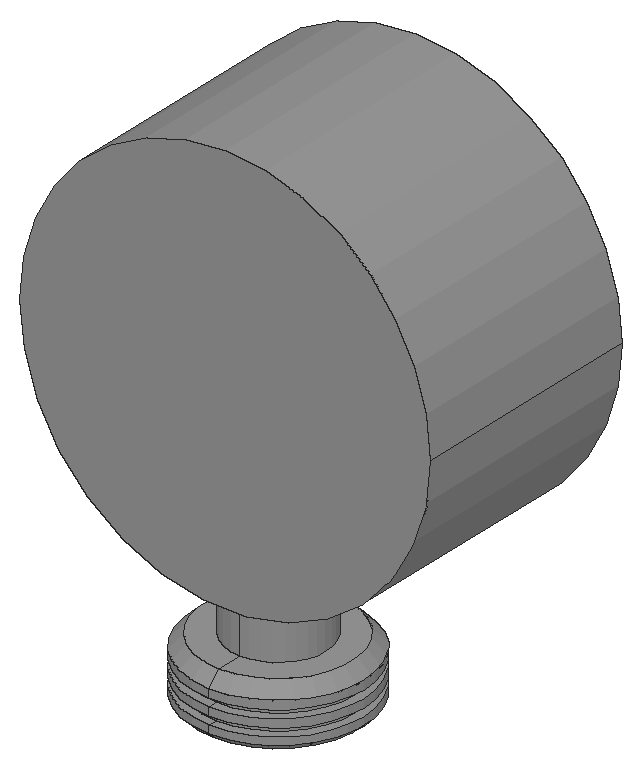
Revit family "UNION MURO TRENTO", category Plumbing Fixtures, Revit 2019
Family settings
  Round Connector Dimension = Use Diameter
  Part Type = Normal
  OmniClass Number = 23.45.00.00
  OmniClass Title = Sanitary, Laundry, and Cleaning Equipment
  Work Plane-Based = No
  Always vertical = Yes
  Cut with Voids When Loaded = No
  Shared = No
  Room Calculation Point = No
Reference planes
  plane 1 "Center (Front/Back)": y = 0
  plane 2: z = 0
  plane 3 "Center (Left/Right)": x = 0
Forms (mm)
  Extrusion 1, solid
    sketch origin (0, 0, 0) x (1, 0, 0) y (0, 0, 1)
      loop
        circle (0, 0) r 25
    from 0 to 29
  Revolve 2, solid
    sketch origin (0, 0, 0) x (0, 1, 0) y (0, 0, 1)
      loop
        line (-21, -23.424) -> (-26.85, -23.424) -> (-26.85, -31) -> (-29.974, -31) -> (-31.5, -32.526) -> (-31.5, -33.542) -> (-30.354, -33.542) -> (-30.354, -34.525) -> (-31.5, -34.525) -> (-31.5, -35.525) -> (-30.354, -35.525) -> (-30.354, -36.507) -> (-31.5, -36.507) -> (-31.5, -37.492) -> (-30.907, -38.085) -> (-21, -38.085) -> (-21, -23.424)
      axis (-21, -38.085) -> (-21, -23.424)
    angle from 0 to 360
Cuts and joins
  joined: Extrusion 1, Revolve 2
Dimensions and locks
  aligned and locked: level to plane 2
